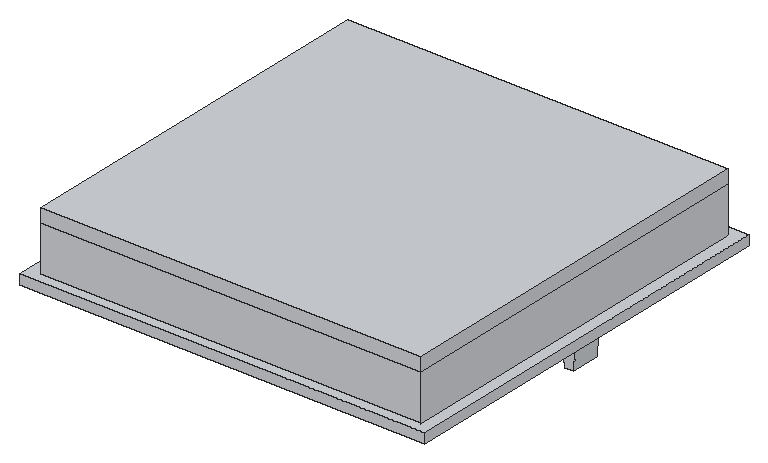
Revit family "Gira_028766", category Electrical Fixtures, host Face, Revit 2017
Family settings
  Host = Face
  Maintain Annotation Orientation = No
  Round Connector Dimension = Use Diameter
  Part Type = Normal
  Cut with Voids When Loaded = No
  Shared = No
  Room Calculation Point = No
Parameters (values of type "Wippe Symb. Tür Gira TX_44 (WG UP) Reinweiß")
  Werkstoffgüte = "sonstige"
  Werkstoff = "Kunststoff"
  Verwendung = "Schalter/Taster"
  URL = "http://katalog.gira.de/de_DE/datenblatt.html?artikelnr=028766"
  Region = "DE"
  Oberfläche = "sonstige"
  Name = "Wippe Symb. Tür Gira TX_44 (WG UP) Reinweiß"
  Mit austauschbarer Linse/Symbol = "No"
  Mit Beschriftungsfeld = "No"
  Manufacturer URL = "https://www.gira.de/"
  Kontrollfenster/Lichtauslass = "Yes"
  Keynote = "TX44_Abdeckung_Schalten und Tasten"
  HeinzeBIM = "https://bimportal.heinze.de/bim/wippe-symb-tuer-gira-tx-44-wg-up-reinweiss/8cbd848fa40692c4ba4449b837f30c3f516c35ea"
  Halogenfrei = "Yes"
  HAN = "028766"
  Geeignet für Schutzart (IP) = "IP44"
  Geeignet für Bussystem-Tasterankopplung = "No"
  GTIN = "4010337287667"
  Farbe = "weiß"
  Default Elevation = 1219.2 mm
  Data sheet (1) = "https://katalog.gira.de/de_DE/download.html?artikelnr=028766"
  Category = "Abdeckung/Bedienelement für Installationsschalterprogramme"
  Befestigungsart = "Klemmbefestigung"
  Available = "Yes"
  Ausführung = "einteilige Wippe"
  Aufdruck/Kennzeichnung = "Symbol \"Schlüssel/Tür\""
  Abtastbares Symbol/barrierefrei = "No"
Reference planes
  plane 1 "Center (Front/Back)": y = 0
  plane 2: z = 0
  plane 3 "Center (Left/Right)": x = 0
Forms (mm)
  Extrusion 1, solid, detail levels fine
    sketch origin (0, 0, 0) x (1, 0, 0) y (0, 1, 0)
      loop
        line (34.85, 34.85) -> (-34.85, 34.85) -> (-34.85, -34.85) -> (34.85, -34.85) -> (34.85, 34.85)
      loop
        line (-31.45, 31.8) -> (-31.45, -31.8) -> (31.45, -31.8) -> (31.45, 31.8) -> (-31.45, 31.8)
    from 0 to 1.7
  Extrusion 2, solid, detail levels fine
    sketch origin (0, 0, 0) x (1, 0, 0) y (0, 1, 0)
      loop
        line (32.8, 33.05) -> (-32.8, 33.05) -> (-32.8, -33.05) -> (32.8, -33.05) -> (32.8, 33.05)
      loop
        line (-31.45, 31.8) -> (-31.45, -31.8) -> (31.45, -31.8) -> (31.45, 31.8) -> (-31.45, 31.8)
    from 1.566 to 9.515
  Extrusion 3, solid, detail levels fine
    sketch origin (0, 0, 0) x (1, 0, 0) y (0, 1, 0)
      loop
        line (32.8, 33.05) -> (-32.8, 33.05) -> (-32.8, -33.05) -> (32.8, -33.05) -> (32.8, 33.05)
    from 9.515 to 11.816
  Extrusion 4, solid, detail levels fine
    sketch origin (0, 0, 0) x (1, 0, 0) y (0, 0, 1)
      loop
        line (-32.815, 0) -> (-34.827, 0) -> (-34.611, -3.084) -> (-33.031, -3.084) -> (-32.815, 0)
      loop
        line (32.815, 0) -> (33.031, -3.084) -> (34.611, -3.084) -> (34.827, 0) -> (32.815, 0)
    from -2.513 to 2.5
  Extrusion 5, solid, detail levels fine
    sketch origin (0, 0, 0) x (1, 0, 0) y (0, 1, 0)
      loop
        spline (-23.686, 23.152) -> (-23.856, 23.114) -> (-24.022, 23.062) -> (-24.184, 22.995) -> (-24.338, 22.915) -> (-24.486, 22.821) -> (-24.624, 22.715) -> (-24.753, 22.597) -> (-24.87, 22.468) -> (-24.977, 22.33) -> (-25.07, 22.183) -> (-25.151, 22.028) -> (-25.218, 21.867)
        line (-25.218, 21.867) -> (-29.35, 10.513) -> (-29.35, -10.487) -> (-25.218, -21.841)
        spline (-25.218, -21.841) -> (-25.151, -22.002) -> (-25.07, -22.156) -> (-24.977, -22.304) -> (-24.87, -22.442) -> (-24.753, -22.571) -> (-24.624, -22.688) -> (-24.486, -22.795) -> (-24.338, -22.888) -> (-24.184, -22.969) -> (-24.022, -23.036) -> (-23.856, -23.088) -> (-23.686, -23.126)
        line (-23.686, -23.126) -> (0, -27.302) -> (23.686, -23.126)
        spline (23.686, -23.126) -> (23.856, -23.088) -> (24.022, -23.036) -> (24.184, -22.969) -> (24.338, -22.888) -> (24.486, -22.795) -> (24.624, -22.688) -> (24.753, -22.571) -> (24.87, -22.442) -> (24.977, -22.304) -> (25.07, -22.156) -> (25.151, -22.002) -> (25.218, -21.841)
        line (25.218, -21.841) -> (29.35, -10.487) -> (29.35, 10.513) -> (25.218, 21.867)
        spline (25.218, 21.867) -> (25.151, 22.028) -> (25.07, 22.183) -> (24.977, 22.33) -> (24.87, 22.468) -> (24.753, 22.597) -> (24.624, 22.715) -> (24.486, 22.821) -> (24.338, 22.915) -> (24.184, 22.995) -> (24.022, 23.062) -> (23.856, 23.114) -> (23.686, 23.152)
        line (23.686, 23.152) -> (0, 27.328) -> (-23.686, 23.152)
      loop
        line (-24.278, 21.525) -> (-28.35, 10.337) -> (-28.35, -10.311) -> (-24.278, -21.498)
        spline (-24.278, -21.498) -> (-24.245, -21.579) -> (-24.204, -21.656) -> (-24.157, -21.73) -> (-24.104, -21.799) -> (-24.045, -21.863) -> (-23.981, -21.922) -> (-23.912, -21.976) -> (-23.838, -22.022) -> (-23.761, -22.063) -> (-23.68, -22.096) -> (-23.597, -22.122) -> (-23.512, -22.141)
        line (-23.512, -22.141) -> (0, -26.287) -> (23.512, -22.141)
        spline (23.512, -22.141) -> (23.597, -22.122) -> (23.68, -22.096) -> (23.761, -22.063) -> (23.838, -22.022) -> (23.912, -21.976) -> (23.981, -21.922) -> (24.045, -21.863) -> (24.104, -21.799) -> (24.157, -21.73) -> (24.204, -21.656) -> (24.245, -21.579) -> (24.278, -21.498)
        line (24.278, -21.498) -> (28.35, -10.311) -> (28.35, 10.337) -> (24.278, 21.525)
        spline (24.278, 21.525) -> (24.245, 21.605) -> (24.204, 21.683) -> (24.157, 21.756) -> (24.104, 21.825) -> (24.045, 21.89) -> (23.981, 21.949) -> (23.912, 22.002) -> (23.838, 22.048) -> (23.761, 22.089) -> (23.68, 22.122) -> (23.597, 22.148) -> (23.512, 22.167)
        line (23.512, 22.167) -> (0, 26.313) -> (-23.512, 22.167)
        spline (-23.512, 22.167) -> (-23.597, 22.148) -> (-23.68, 22.122) -> (-23.761, 22.089) -> (-23.838, 22.048) -> (-23.912, 22.002) -> (-23.981, 21.949) -> (-24.045, 21.89) -> (-24.104, 21.825) -> (-24.157, 21.756) -> (-24.204, 21.683) -> (-24.245, 21.605) -> (-24.278, 21.525)
    from 4.866 to 9.515
  Extrusion 6, solid, detail levels fine
    sketch origin (0, 0, 0) x (1, 0, 0) y (0, 1, 0)
      loop
        arc (0, 8.51) -> (-1.055, 8.223) -> (-1.717, 7.352) r 1.7
        line (-1.717, 7.352) -> (-2.205, 5.894) -> (-2.205, 4.213) -> (-4.36, 4.213)
        arc (-4.36, 4.213) -> (-4.865, 4.091) -> (-5.257, 3.75) r 1.1
        arc (-5.257, 3.75) -> (-6.02, 2.328) -> (-6.406, 0.761) r 6.45
        arc (-6.406, 0.761) -> (-6.7, 0.013) -> (-6.406, -0.735) r 1.1
        arc (-6.406, -0.735) -> (-6.02, -2.302) -> (-5.257, -3.724) r 6.45
        arc (-5.257, -3.724) -> (-4.865, -4.064) -> (-4.36, -4.187) r 1.1
        line (-4.36, -4.187) -> (-2.1, -4.187) -> (-2.1, -5.243)
        arc (-2.1, -5.243) -> (-1.847, -5.944) -> (-1.206, -6.323) r 1.1
        arc (-1.206, -6.323) -> (0, -6.437) -> (1.206, -6.323) r 6.45
        arc (1.206, -6.323) -> (1.847, -5.944) -> (2.1, -5.243) r 1.1
        line (2.1, -5.243) -> (2.1, -4.187) -> (4.36, -4.187)
        arc (4.36, -4.187) -> (4.865, -4.064) -> (5.257, -3.724) r 1.1
        arc (5.257, -3.724) -> (6.02, -2.302) -> (6.406, -0.735) r 6.45
        arc (6.406, -0.735) -> (6.7, 0.013) -> (6.406, 0.761) r 1.1
        arc (6.406, 0.761) -> (6.02, 2.328) -> (5.257, 3.75) r 6.45
        arc (5.257, 3.75) -> (4.865, 4.091) -> (4.36, 4.213) r 1.1
        line (4.36, 4.213) -> (2.205, 4.213) -> (2.205, 5.894) -> (1.717, 7.352)
        arc (1.717, 7.352) -> (1.055, 8.223) -> (0, 8.51) r 1.7
    from -6.834 to 9.515
  Extrusion 7, solid, detail levels coarse
    sketch origin (0, 0, 0) x (1, 0, 0) y (0, 1, 0)
      loop
        line (34.85, 34.85) -> (-34.85, 34.85) -> (-34.85, -34.85) -> (34.85, -34.85) -> (34.85, 34.85)
    from -6.834 to 11.816
  Extrusion 8, solid, detail levels medium
    sketch origin (0, 0, 0) x (1, 0, 0) y (0, 1, 0)
      loop
        line (32.8, 33.05) -> (-32.8, 33.05) -> (-32.8, -33.05) -> (32.8, -33.05) -> (32.8, 33.05)
    from 1.566 to 11.816
  Extrusion 9, solid, detail levels medium
    sketch origin (0, 0, 0) x (1, 0, 0) y (0, 1, 0)
      loop
        line (34.85, 34.85) -> (-34.85, 34.85) -> (-34.85, -34.85) -> (34.85, -34.85) -> (34.85, 34.85)
    from 0 to 1.7
  Extrusion 10, solid, detail levels medium
    sketch origin (0, 0, 0) x (1, 0, 0) y (0, 1, 0)
      loop
        circle (0, 1.036) r 7.473
    from -6.834 to 9.515
  Extrusion 11, solid, detail levels medium
    sketch origin (0, 0, 0) x (1, 0, 0) y (0, 0, 1)
      loop
        line (-32.815, -3.084) -> (-32.815, 0) -> (-34.827, 0) -> (-34.827, -3.084) -> (-32.815, -3.084)
      loop
        line (32.815, -3.084) -> (34.827, -3.084) -> (34.827, 0) -> (32.815, 0) -> (32.815, -3.084)
    from -2.513 to 2.5
Dimensions and locks
  aligned and locked: plane 2 to host face
  aligned and locked: level to host face
